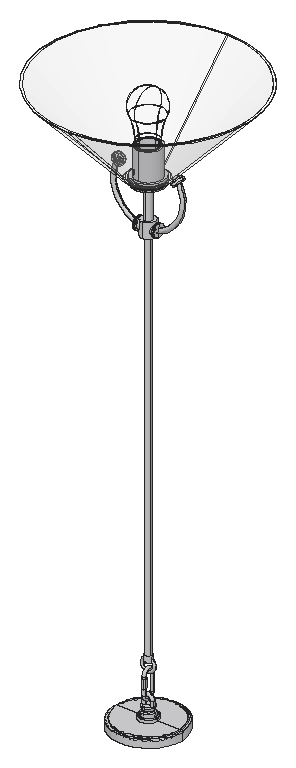
Revit family "Light_Fixture-Pendant-KOHLER-McGee-K-32260", category Lighting Fixtures, host Face, Revit 2021
Family settings
  Host = Face
  Round Connector Dimension = Use Diameter
  Part Type = Normal
  OmniClass Number = 23.35.47.11
  OmniClass Title = Lighting Fixtures
  Cut with Voids When Loaded = No
  Light Source = Yes
  Shared = No
  Room Calculation Point = No
Parameters (values of type "CPL-Polished Chrome")
  Width = 13 235/256"  # constant formula
  Wattage Comments = "100 W"  # constant formula
  Wattage = 100 W
  WaterSense Certified = 1 = 0  # no
  built-in parameter 1150110 = 1 (stored number, unit not read)
  Voltage = 120 V  # constant formula
  URL = "https://www.us.kohler.com/us/"
  Type = 1
  built-in parameter 1114217 = 1 (stored number, unit not read)
  built-in parameter 1150109 = 1 (stored number, unit not read)
  built-in parameter 1150134 = 1
  built-in parameter 1150113 = 1 (stored number, unit not read)
  Rod [instance] = Height - 9 105/256" - 4 1/2"  # 26 23/256"
  Product Page URL = "http://www.us.kohler.com/us/catalog/productDetails.jsp?productNumber=32260-PE01"
  Product Name = "McGee"  # constant formula
  Product Documentation Link = "https://www.us.kohler.com/webassets/kpna/catalog/pdf/en/K-32260-PE01_spec_US-CA_Kohler_en.pdf"
  Model = if(Type = 1, "K-32260-PE01-CPL", if(Type = 2, "K-32260-PE01-BNL", if(Type = 3, "K-32260-PE01-BLL", if(Type = 4, "K-32260-PE01-2GL", if(Type = 5, "K-32260-PE01-SNL", "NA")))))  # "K-32260-PE01-CPL"
  Material = "Premium Metal Construction"  # constant formula
  Master Format 2014 Name = "Interior Lighting Fixtures, Lamps, And Ballasts"  # constant formula
  Master Format 2014 = "26 51 13"  # constant formula
  Manufacturer Address = "444 Highland Dr, Kohler, WI 53044"  # constant formula
  Manufacturer = "Kohler Co."  # constant formula
  built-in parameter 1150105 = 159.15 (stored number, unit not read)
  Lumens = 2000 lm
  built-in parameter 1150115 = 1 (stored number, unit not read)
  Light Source Symbol Size = 3"  # constant formula
  built-in parameter 1150137 = (empty or 0)
  built-in parameter 1150139 = (empty or 0)
  Length = 13 235/256"  # constant formula
  built-in parameter 1150112 = 1 (stored number, unit not read)
  built-in parameter 1150114 = 1 (stored number, unit not read)
  Lamp = "1*E26 Type A 100W"  # constant formula
  built-in parameter 1150132 = (empty or 0)
  built-in parameter 1150102 = (empty or 0)
  built-in parameter 1150107 = 6500 (stored number, unit not read)
  built-in parameter 1150138 = (empty or 0)
  built-in parameter 1150106 = 1.5915 (stored number, unit not read)
  Height [instance] = 40"
  Hardware Included = 0 = 1  # no
  Finish = KOHLER-Metal-CPL-Polished_Chrome
  Environmental Product Declaration = ""
  Emit from Line Length = 3"  # constant formula
  Electrical Note = "One Dedicated Cicuit Required"  # constant formula
  Electrical Connector = 1 = 1  # yes
  built-in parameter 1150104 = 1.8581 (stored number, unit not read)
  Dimming Lamp Color Temperature Shift = Incandescent Lamp Curve
  Description = "Cone Pendant"  # constant formula
  Default Elevation = 0"
  Declare Label = ""
  Date Modified = "04/26/2023"  # constant formula
  Date Created = "04/26/2023"  # constant formula
  Copyright = "Copyright Kohler Co."  # constant formula
  Contact Us = "https://www.us.kohler.com/us/static/contact.jsp"
  Color Filter = 16777215
  built-in parameter 1114218 = 1 (stored number, unit not read)
  built-in parameter 1150133 = 10 (stored number, unit not read)
  Assembly Code = "D5040.50"
  Apparent Load = 100 VA  # constant formula
  ADA Compliant = 1 = 0  # no
Types (6): name | Type | Rod | Model | Height | Finish | Default Elevation
  (no name) | 1 | 26 23/256" | "K-32260-PE01-CPL" | 40" | KOHLER-Metal-CPL-Polished_Chrome | 0"
  CPL-Polished Chrome | 1 | 26 23/256" | "K-32260-PE01-CPL" | 40" | KOHLER-Metal-CPL-Polished_Chrome | 0"
  BNL-Brushed Nickel | 2 | 16 23/256" | "K-32260-PE01-BNL" | 30" | KOHLER-Metal-BNL-Brushed_Nickel | 60"
  BLL-Matte Black | 3 | 16 23/256" | "K-32260-PE01-BLL" | 30" | KOHLER-Metal-BLL-Matte_Black | 60"
  2GL-Brushed Modern Brass | 4 | 16 23/256" | "K-32260-PE01-2GL" | 30" | KOHLER-Metal-2GL-Brushed_Modern_Brass | 60"
  SNL-Polished Nickel | 5 | 16 23/256" | "K-32260-PE01-SNL" | 30" | KOHLER-Metal-SNL-Polished_Nickel | 60"
Reference planes (in)
  plane 1 "Center (Front/Back)": y = 0
  plane 2: z = 0
  plane 3 "Center (Left/Right)": x = 0
  plane 4: z = 4.50055
  plane 5: z = 30.59039
  plane 6: z = 40
  plane 7: y = 6.95866
  plane 8: y = -6.95931
  plane 9: x = -6.95866
  plane 10: y = 2.55512
  plane 11: y = -2.55512
  plane 12: x = 6.95931
  plane 13: x = -2.55512
  plane 14: x = 2.55512
  plane 15: z = 38.66357
  plane 16: z = 34.01481
  plane 17: z = 60.85367
  plane 18: y = 2.3622
  plane 19: y = -2.3622
  plane 20: z = 0.59055
Dimensions and locks (in)
  plane 4 to level = 4.50055"
  "Rod": plane 5 to plane 4
  "Height": plane 6 to level
  plane 6 to plane 5 = 9.40961"
  "Width": plane 9 to plane 12
  "Length": plane 7 to plane 8
  locked: plane 6 to plane 16 at 5.98519
  locked: plane 15 to plane 6 at 1.33643
  plane 6 to plane 17 = 20.85367"
  plane 20 to level = 0.59055"
  aligned and locked: plane 2 to host face
  aligned and locked: level to host face
  aligned and locked: level to nested 1
  aligned and locked: plane 4 to nested 1
  aligned and locked: plane 3 "Center (Left/Right)" to nested 2
  aligned and locked: nested 2 to plane 4
  aligned and locked: plane 5 to nested 2
  aligned and locked: plane 3 "Center (Left/Right)" to nested 3
  aligned and locked: plane 5 to nested 3
  aligned and locked: plane 1 "Center (Front/Back)" to nested 3
  aligned and locked: imposter light to nested 2  (x2)
  aligned and locked: imposter light to plane 15
Automatic sketch dimensions
  host sketch curve to host sketch curve = 96"  (x2)
Nested families (in)
  nested 1: "K-32260_Canopy" at (0, 0, 0) x (0, 1, 0) z (0, 0, 1), type "K-32260_Canopy"
  nested 2: "K-32260_Rod" at (0, 0, 4.50055), type "K-32260_Rod"
    with Distance 26 23/256"
  nested 3: "K-32260" at (0, 0, 32.99491) x (1, 0, 0) z (0, -1, 0), type "K-32260"
    with Default Elevation 0"
Connectors (in)
  electrical at (0, 0, 0), driven by "Voltage", driven by "Apparent Load", driven by "Electrical Connector", driven by "Electrical Note"
    settings: on nested 1, index 1, voltage 120 V, apparent load 100 VA, apparent load phase1 0 VA, apparent load phase2 0 VA, apparent load phase3 0 VA, power factor 1, load classification "Lighting", number of poles 1, system type 30, power factor state 1, is connector primary yes, connector utility yes, sub classification motor no, connector description "One Dedicated Cicuit Required"
Definition of nested family "K-32260_Canopy"
  Parameters (values of type "K-32260_Canopy")
    Material = none
    Default Elevation = 0"
  Reference planes (in)
    plane 1 "Center (Front/Back)": y = 0
    plane 2: z = 0
    plane 3 "Center (Left/Right)": x = 0
    plane 4: y = 2.3622
    plane 5: y = -2.3622
    plane 6: x = 2.3622
    plane 7: x = -2.3622
    plane 8: z = 0.59055
    plane 9: z = 2.97011
    plane 10: z = 3.40454
    plane 11: z = 3.5892
    plane 12: z = 0
    plane 13: z = 3.17362
    plane 14: z = 2.2794
    plane 15: z = 4.50055
  Forms (in)
    Revolve 1, solid, material <- "Material", detail levels medium+fine
      sketch origin (0, 0, 0) x (0, 1, 0) y (0, 0, 1)
        loop
          line (2.3622, 0) -> (2.3622, 0.49026)
          arc (2.3622, 0.49026) -> (2.35644, 0.50418) -> (2.34252, 0.50994) r 0.01969
          line (2.34252, 0.50994) -> (2.17979, 0.50994) -> (2.17979, 0.57087)
          arc (2.17979, 0.57087) -> (2.17403, 0.58479) -> (2.16011, 0.59055) r 0.01969
          line (2.16011, 0.59055) -> (0.63026, 0.59055) -> (0.63026, 0.74803) -> (0.55197, 0.74803) -> (0.55197, 0.78743) -> (0.43843, 0.78743) -> (0.43843, 0.9787)
          arc (0.43843, 0.9787) -> (0.39415, 1.03872) -> (0.35905, 1.10453) r 0.51317
          arc (0.35905, 1.10453) -> (0.35021, 1.14458) -> (0.35767, 1.18491) r 0.10316
          arc (0.35767, 1.18491) -> (0.38576, 1.27085) -> (0.40209, 1.35978) r 0.67349
          arc (0.40209, 1.35978) -> (0.3971, 1.37553) -> (0.38203, 1.38229) r 0.0202
          line (0.38203, 1.38229) -> (0, 1.38229) -> (0, 1.10848) -> (0, 0) -> (2.3622, 0)
        axis (0, 0) -> (0, 1.38229)
      angle from 0 to 360
    Sweep 2, solid, material <- "Material"
      path origin (0, 0, 0.35937) x (1, 0, 0) y (0, 0, 1)
        loop
          line (-0.36679, 2.95467) -> (-0.36679, 1.78086)
          arc (-0.36679, 1.78086) -> (-0.01845, 1.43253) -> (0.32988, 1.78086) r 0.34833
          line (0.32988, 1.78086) -> (0.32988, 2.95467)
          arc (0.32988, 2.95467) -> (-0.01845, 3.303) -> (-0.36679, 2.95467) r 0.34833
      profile origin (-0.01845, 0, 3.66238) x (0, 0, -1) y (0, -1, 0)
        loop
          circle (0, 0) r 0.09608
    Sweep 3, solid, material <- "Material"
      path origin (0, 0, 0) x (0, 1, 0) y (0, 0, 1)
        loop
          line (0.18209, 1.37026) -> (0.18209, 1.76948)
          arc (0.18209, 1.76948) -> (-0.00023, 1.95181) -> (-0.18256, 1.76948) r 0.18233
          line (-0.18256, 1.76948) -> (-0.18256, 1.37026)
      profile origin (0, -0.18256, 1.56987) x (1, 0, 0) y (0, 1, 0)
        loop
          circle (0, -0.10554) r 0.10554
    Extrusion 4, solid, material <- "Material"
      sketch origin (-0.06152, 0, 0) x (-1, 0, 0) y (0, -1, 0)
        loop
          line (0.30512, -0.14775) -> (0.43307, -0.07387) -> (0.43307, 0.07387) -> (0.30512, 0.14775) -> (0.17717, 0.07387) -> (0.17717, -0.07387) -> (0.30512, -0.14775)
      from 2.56354 to 3.17362
    Revolve 5, solid, material <- "Material"
      sketch origin (0, 0, 0) x (0, 1, 0) y (0, 0, 1)
        loop
          line (0.00011, 4.50055) -> (-0.24565, 4.50055) -> (-0.24565, 4.10819)
          arc (-0.24565, 4.10819) -> (-0.23947, 4.09327) -> (-0.22456, 4.08709) r 0.0211
          line (-0.22456, 4.08709) -> (0.00011, 4.08709) -> (0.00011, 4.50055)
        axis (0.00011, 4.08709) -> (0.00011, 4.50055)
      angle from 0 to 360
    Sweep 6, solid, material <- "Material"
      path origin (0, 0, 0) x (0, 1, 0) y (0, 0, 1)
        loop
          arc (-0.22894, 4.34786) -> (0.0065, 3.37885) -> (0.21881, 4.35319) r 0.51166
      profile origin (0, 0.0065, 3.37885) x (0, -0.011898, 0.999929) y (1, 0, 0)
        loop
          circle (0.0719, 0) r 0.07203
    Revolve 7, solid, material <- "Material", detail levels coarse
      sketch origin (0, 0, 0) x (0, 1, 0) y (0, 0, 1)
        loop
          line (0, 0) -> (2.3622, 0) -> (2.3622, 0.59055) -> (0.63026, 0.59055) -> (0.63026, 1.38229) -> (0, 1.38229) -> (0, 0)
        axis (0, 1.38229) -> (0, 0)
      angle from 0 to 360
  Cuts and joins
    joined: Sweep 2, Sweep 3, Extrusion 4, Revolve 5, Sweep 6
  Lines and regions (in)
    Masking region 1
      outline origin (0, 0, 0) x (0, 1, 0) y (0, 0, 1)
        loop
          line (2.3622, 0) -> (2.3622, 0.49026)
          arc (2.3622, 0.49026) -> (2.35644, 0.50418) -> (2.34252, 0.50994) r 0.01969
          line (2.34252, 0.50994) -> (2.17979, 0.50994) -> (2.17979, 0.57087)
          arc (2.17979, 0.57087) -> (2.17403, 0.58479) -> (2.16011, 0.59055) r 0.01969
          line (2.16011, 0.59055) -> (0.63046, 0.59055) -> (0.63046, 0.74803) -> (0.55197, 0.74803) -> (0.55197, 0.78743) -> (0.43843, 0.78743) -> (0.43843, 0.98428)
          arc (0.43843, 0.98428) -> (0.3678, 1.08664) -> (0.3666, 1.211) r 0.21238
          arc (0.3666, 1.211) -> (0.38075, 1.26115) -> (0.39364, 1.31163) r 2.08924
          line (0.39364, 1.31163) -> (0.39364, 1.7674)
          arc (0.39364, 1.7674) -> (0.30263, 2.0219) -> (0.07087, 2.16096) r 0.40133
          line (0.07087, 2.16096) -> (0.07087, 2.56354) -> (0.14775, 2.56354) -> (0.14775, 3.17362) -> (0.09455, 3.17362) -> (0.09455, 3.3879)
          arc (0.09455, 3.3879) -> (0.50584, 3.80982) -> (0.24588, 4.33859) r 0.51078
          line (0.24588, 4.33859) -> (0.24588, 4.50055) -> (0.00011, 4.50055) -> (-0.24588, 4.50055) -> (-0.24588, 4.33859)
          arc (-0.24588, 4.33859) -> (-0.50597, 3.81064) -> (-0.09619, 3.3882) r 0.51078
          line (-0.09619, 3.3882) -> (-0.09619, 3.17362) -> (-0.14775, 3.17362) -> (-0.14775, 2.56354) -> (-0.07087, 2.56354) -> (-0.07087, 2.16331)
          arc (-0.07087, 2.16331) -> (-0.10979, 2.15527) -> (-0.14775, 2.14349) r 0.40852
          arc (-0.14775, 2.14349) -> (-0.32671, 1.99207) -> (-0.39364, 1.7674) r 0.41057
          line (-0.39364, 1.7674) -> (-0.39364, 1.31163)
          arc (-0.39364, 1.31163) -> (-0.38075, 1.26115) -> (-0.3666, 1.211) r 2.08924
          arc (-0.3666, 1.211) -> (-0.3678, 1.08664) -> (-0.43843, 0.98428) r 0.21238
          line (-0.43843, 0.98428) -> (-0.43843, 0.78743) -> (-0.55197, 0.78743) -> (-0.55197, 0.74803) -> (-0.63046, 0.74803) -> (-0.63046, 0.59055) -> (-2.16011, 0.59055)
          arc (-2.16011, 0.59055) -> (-2.17403, 0.58479) -> (-2.17979, 0.57087) r 0.01969
          line (-2.17979, 0.57087) -> (-2.17979, 0.50994) -> (-2.34252, 0.50994)
          arc (-2.34252, 0.50994) -> (-2.35644, 0.50418) -> (-2.3622, 0.49026) r 0.01969
          line (-2.3622, 0.49026) -> (-2.3622, 0) -> (2.3622, 0)
        loop
          line (0.18305, 1.38229) -> (0.18305, 1.7692)
          arc (0.18305, 1.7692) -> (0.15244, 1.87033) -> (0.07087, 1.93749) r 0.18232
          line (0.07087, 1.93749) -> (0.07087, 1.83374)
          arc (0.07087, 1.83374) -> (0, 1.76288) -> (-0.07087, 1.83374) r 0.07087
          line (-0.07087, 1.83374) -> (-0.07087, 1.93687)
          arc (-0.07087, 1.93687) -> (-0.15141, 1.86967) -> (-0.18158, 1.7692) r 0.18232
          line (-0.18158, 1.7692) -> (-0.18158, 1.38229) -> (0.18305, 1.38229)
        loop
          line (0.09455, 3.66013) -> (0.09455, 3.5348)
          arc (0.09455, 3.5348) -> (0.35752, 3.80412) -> (0.24562, 4.16351) r 0.3675
          line (0.24562, 4.16351) -> (0.24562, 4.10784)
          arc (0.24562, 4.10784) -> (0.23963, 4.0934) -> (0.22519, 4.08741) r 0.02042
          line (0.22519, 4.08741) -> (0, 4.08741) -> (-0.22519, 4.08741)
          arc (-0.22519, 4.08741) -> (-0.23963, 4.0934) -> (-0.24562, 4.10784) r 0.02042
          line (-0.24562, 4.10784) -> (-0.24562, 4.16351)
          arc (-0.24562, 4.16351) -> (-0.35772, 3.80494) -> (-0.09619, 3.53523) r 0.3675
          line (-0.09619, 3.53523) -> (-0.09619, 3.66013)
          arc (-0.09619, 3.66013) -> (-0.00082, 3.7555) -> (0.09455, 3.66013) r 0.09537
    Masking region 2
      outline origin (0, 0, 0) x (1, 0, 0) y (0, 0, 1)
        loop
          line (-2.3622, 0) -> (2.3622, 0) -> (2.3622, 0.49026)
          arc (2.3622, 0.49026) -> (2.35644, 0.50418) -> (2.34252, 0.50994) r 0.01969
          line (2.34252, 0.50994) -> (2.17979, 0.50994) -> (2.17979, 0.57087)
          arc (2.17979, 0.57087) -> (2.17403, 0.58479) -> (2.16011, 0.59055) r 0.01969
          line (2.16011, 0.59055) -> (0.62903, 0.59055) -> (0.62903, 0.74803) -> (0.55197, 0.74803) -> (0.55197, 0.78743) -> (0.43843, 0.78743) -> (0.43843, 0.9787)
          arc (0.43843, 0.9787) -> (0.4002, 1.02735) -> (0.36637, 1.07915) r 0.70775
          arc (0.36637, 1.07915) -> (0.34943, 1.13332) -> (0.35851, 1.18934) r 0.1235
          arc (0.35851, 1.18934) -> (0.38558, 1.26882) -> (0.40223, 1.35112) r 0.65377
          arc (0.40223, 1.35112) -> (0.39571, 1.37288) -> (0.37502, 1.38229) r 0.02746
          line (0.37502, 1.38229) -> (0.12795, 1.38229) -> (0.12795, 1.71994)
          arc (0.12795, 1.71994) -> (0.34368, 1.88697) -> (0.42535, 2.14729) r 0.45574
          line (0.42535, 2.14729) -> (0.42535, 3.32819)
          arc (0.42535, 3.32819) -> (0.3258, 3.60819) -> (0.07183, 3.76248) r 0.44352
          line (0.07183, 3.76248) -> (0.07183, 4.08691) -> (0.22455, 4.08691)
          arc (0.22455, 4.08691) -> (0.23955, 4.09312) -> (0.24576, 4.10812) r 0.02121
          line (0.24576, 4.10812) -> (0.24576, 4.50055) -> (0, 4.50055) -> (-0.24576, 4.50055) -> (-0.24576, 4.10812)
          arc (-0.24576, 4.10812) -> (-0.23955, 4.09312) -> (-0.22455, 4.08691) r 0.02121
          line (-0.22455, 4.08691) -> (-0.07183, 4.08691) -> (-0.07183, 3.76845)
          arc (-0.07183, 3.76845) -> (-0.35021, 3.62222) -> (-0.46168, 3.32819) r 0.44352
          line (-0.46168, 3.32819) -> (-0.46168, 3.17362) -> (-0.49459, 3.17362) -> (-0.49459, 2.56354) -> (-0.46346, 2.56354) -> (-0.46346, 2.19229)
          arc (-0.46346, 2.19229) -> (-0.37149, 1.8962) -> (-0.12795, 1.70433) r 0.52259
          line (-0.12795, 1.70433) -> (-0.12795, 1.38229) -> (-0.37502, 1.38229)
          arc (-0.37502, 1.38229) -> (-0.39571, 1.37288) -> (-0.40223, 1.35112) r 0.02746
          arc (-0.40223, 1.35112) -> (-0.38558, 1.26882) -> (-0.35851, 1.18934) r 0.65377
          arc (-0.35851, 1.18934) -> (-0.34943, 1.13332) -> (-0.36637, 1.07915) r 0.1235
          arc (-0.36637, 1.07915) -> (-0.4002, 1.02735) -> (-0.43843, 0.9787) r 0.70775
          line (-0.43843, 0.9787) -> (-0.43843, 0.78743) -> (-0.55197, 0.78743) -> (-0.55197, 0.74803) -> (-0.63009, 0.74803) -> (-0.63009, 0.59055) -> (-2.16011, 0.59055)
          arc (-2.16011, 0.59055) -> (-2.17403, 0.58479) -> (-2.17979, 0.57087) r 0.01969
          line (-2.17979, 0.57087) -> (-2.17979, 0.50994) -> (-2.34252, 0.50994)
          arc (-2.34252, 0.50994) -> (-2.35644, 0.50418) -> (-2.3622, 0.49026) r 0.01969
          line (-2.3622, 0.49026) -> (-2.3622, 0)
        loop
          line (-0.27175, 3.31592) -> (-0.27175, 3.17362) -> (-0.22638, 3.17362) -> (-0.22638, 2.56354) -> (-0.27061, 2.56354) -> (-0.27061, 2.15044)
          arc (-0.27061, 2.15044) -> (-0.23218, 2.01249) -> (-0.12795, 1.91429) r 0.26679
          line (-0.12795, 1.91429) -> (-0.12795, 2.06366)
          arc (-0.12795, 2.06366) -> (0, 2.19161) -> (0.12795, 2.06366) r 0.12795
          line (0.12795, 2.06366) -> (0.12795, 1.93309)
          arc (0.12795, 1.93309) -> (0.20636, 2.02946) -> (0.2344, 2.15049) r 0.27522
          line (0.2344, 2.15049) -> (0.2344, 3.31592)
          arc (0.2344, 3.31592) -> (0.18984, 3.45935) -> (0.07183, 3.55226) r 0.25308
          line (0.07183, 3.55226) -> (0.07183, 3.4507)
          arc (0.07183, 3.4507) -> (0, 3.37887) -> (-0.07183, 3.4507) r 0.07183
          line (-0.07183, 3.4507) -> (-0.07183, 3.56335)
          arc (-0.07183, 3.56335) -> (-0.21552, 3.47497) -> (-0.27175, 3.31592) r 0.25308
    Masking region 3
      outline origin (0, 0, 0) x (1, 0, 0) y (0, 1, 0)
        loop
          circle (0, 0) r 2.3622
    symbolic lines, detail levels medium+fine
      curve 1: line (0, 0.63046, 0.59055) -> (0, -0.63026, 0.59055)
      curve 2: line (0, 0.55197, 0.74803) -> (0, -0.55197, 0.74803)
      curve 3: line (0, -0.18158, 1.38229) -> (0, -0.39364, 1.38229)
      curve 4: line (0, 0.18405, 1.38229) -> (0, 0.39364, 1.38229)
      curve 5: line (0, 0.07087, 1.93749) -> (0, 0.07087, 2.16054)
      curve 6: line (0, -0.07087, 1.93687) -> (0, -0.07087, 2.16331)
      curve 7: line (-0.63009, 0, 0.59055) -> (0.63026, 0, 0.59055)
      curve 8: line (-0.43843, 0, 0.78743) -> (0.43843, 0, 0.78743)
      curve 9: line (-0.43343, 0, 0.9787) -> (0.43618, 0, 0.9787)
      curve 10: line (-0.12795, 0, 1.38229) -> (0.12795, 0, 1.38229)
      curve 11: line (-0.12795, 0, 1.70433) -> (-0.12795, 0, 2.03104)
      curve 12: line (0.12795, 0, 1.71994) -> (0.12795, 0, 2.03104)
      curve 13: line (-0.46346, 0, 2.56354) -> (-0.23503, 0, 2.56354)
      curve 14: line (-0.46168, 0, 3.17362) -> (-0.2344, 0, 3.17362)
      curve 15: line (-0.36663, 0, 2.56354) -> (-0.36663, 0, 3.17362)
      curve 16: line (0, 0.07387, 2.56354) -> (0, -0.07387, 2.56354)
      curve 17: line (0, -0.09619, 3.17362) -> (0, 0.09455, 3.17362)
      curve 18: line (0, 0.07387, 3.17362) -> (0, 0.07387, 2.56354)
      curve 19: line (0, -0.07387, 3.17362) -> (0, -0.07387, 2.56354)
      curve 20: line (0, 2.17979, 0.50994) -> (0, -2.17979, 0.50994)
      curve 21: line (2.17979, 0, 0.50994) -> (-2.17979, 0, 0.50994)
      curve 22: line (0, 0.09455, 3.5348) -> (0, 0.09455, 3.3879)
      curve 23: line (0, -0.09619, 3.3882) -> (0, -0.09619, 3.53523)
      curve 24: arc (0, 0.24588, 4.33859) -> (0, 0.22768, 4.25108) -> (0, 0.24562, 4.16351) r 0.22116
      curve 25: arc (0, -0.24588, 4.33859) -> (0, -0.22699, 4.25108) -> (0, -0.24562, 4.16351) r 0.21372
      curve 26: line (-0.07183, 0, 3.56335) -> (-0.07183, 0, 3.76845)
      curve 27: line (0.07183, 0, 3.76248) -> (0.07183, 0, 3.55226)
      curve 28: line (0.07183, 0, 4.08691) -> (0.07183, 0, 4.27684)
      curve 29: line (-0.07183, 0, 4.08691) -> (-0.07183, 0, 4.27684)
      curve 30: arc (-0.07183, 0, 4.27684) -> (0, 0, 4.34867) -> (0.07183, 0, 4.27684) r 0.07183
      curve 31: line (0, 0.43843, 0.98428) -> (0, -0.43843, 0.98428)
      curve 32: line (0, 0.43843, 0.78743) -> (0, -0.43843, 0.78743)
      curve 33: line (-0.55197, 0, 0.74803) -> (0.55197, 0, 0.74803)
  Dimensions and locks (in)
    plane 7 to plane 6 = 4.72441"
    plane 8 to level = 0.59055"
    plane 10 to level = 3.40454"
    aligned and locked: plane 2 to level
Definition of nested family "K-32260_Rod"
  Parameters (values of type "K-32260_Rod")
    Material = none
    Distance = 16.53543"
    Default Elevation = 0"
  Reference planes (in)
    plane 1 "Light Source Axis (F/B)": y = 0
    plane 2: z = 0
    plane 3 "Light Source Axis (L/R)": x = 0
    plane 4 "Light Source Elevation": z = 54
    plane 5: z = 16.53543
    plane 6: z = 0
  Forms (in)
    Extrusion 1, solid, material <- "Material"
      sketch origin (0, 0, 0) x (1, 0, 0) y (0, 1, 0)
        loop
          circle (0, 0) r 0.17717
      from 0 to 16.53543
  Lines and regions (in)
    Masking region 1, detail levels medium+fine
      outline origin (0, 0, 0) x (1, 0, 0) y (0, 1, 0)
        loop
          circle (0, 0) r 0.17717
    Masking region 2
      outline origin (0, 0, 0) x (1, 0, 0) y (0, 0, 1)
        loop
          line (-0.17717, 0) -> (0.17717, 0) -> (0.17717, 16.53543) -> (-0.17717, 16.53543) -> (-0.17717, 0)
    Masking region 3
      outline origin (0, 0, 0) x (0, 1, 0) y (0, 0, 1)
        loop
          line (0.17717, 16.53543) -> (-0.17717, 16.53543) -> (-0.17717, 0) -> (0.17717, 0) -> (0.17717, 16.53543)
  Dimensions and locks (in)
    "Distance": plane 5 to level
    aligned and locked: level to plane 2
    aligned and locked: Extrusion 1 to level
    aligned and locked: plane 5 to Extrusion 1
    aligned and locked: plane 5 to Masking region 2 sketch curve
    aligned and locked: Masking region 2 sketch curve to level
    aligned and locked: level to Masking region 3 sketch curve
    aligned and locked: Masking region 3 sketch curve to plane 5
  Automatic sketch dimensions
    plane 1 "Light Source Axis (F/B)" to Extrusion 1 sketch curve = 0"
    Extrusion 1 sketch curve to plane 3 "Light Source Axis (L/R)" = 0"
    plane 1 "Light Source Axis (F/B)" to Masking region 1 sketch curve = 0"
    Masking region 1 sketch curve to plane 3 "Light Source Axis (L/R)" = 0"
    Masking region 2 sketch curve to plane 3 "Light Source Axis (L/R)" = 0.17717"
    plane 3 "Light Source Axis (L/R)" to Masking region 2 sketch curve = 0.17717"
    plane 1 "Light Source Axis (F/B)" to Masking region 3 sketch curve = 0.17717"
    Masking region 3 sketch curve to plane 1 "Light Source Axis (F/B)" = 0.17717"
    radius of Extrusion 1 sketch curve = 0.17717"
    radius of Masking region 1 sketch curve = 0.17717"
Definition of nested family "K-32260"
  Parameters
    Material = none
    Default Elevation = 48"
  Reference planes (in)
    plane 1 "Center (Front/Back)": y = 0
    plane 2: z = 0
    plane 3 "Center (Left/Right)": x = 0
    plane 4: x = -2.55512
    plane 5: y = 7.00415
    plane 6: x = 2.55512
    plane 7: y = 0.82305
    plane 8: z = 2.55512
    plane 9: z = -2.55512
    plane 10: z = 0
    plane 11: y = 0
    plane 12: y = 5.16866
    plane 13: y = -2.40452
    plane 14: x = -6.95866
    plane 15: x = 6.95866
    plane 16: z = 6.95866
    plane 17: z = -6.95866
  Forms (in)
    Revolve 1, solid, material <- "Material", detail levels medium+fine
      sketch origin (0, 0, 0) x (0, 1, 0) y (0, 0, 1)
        loop
          line (1.31517, 0) -> (1.31517, 0.7874) -> (2.39785, 0.7874) -> (2.39785, 0.70866) -> (2.79155, 0.70866) -> (2.79155, 0.7874) -> (3.18525, 0.7874) -> (3.18525, 0.86614) -> (1.31517, 0.86614) -> (1.31517, 1.08268) -> (1.21675, 1.08268) -> (1.21675, 0.7874) -> (0.94481, 0.7874) -> (0.94481, 0) -> (1.31517, 0)
        axis (3.18525, 0) -> (0.94481, 0)
      angle from 0 to 360
    Revolve 2, solid
      sketch origin (0, 0, 0) x (0, 1, 0) y (0, 0, 1)
        loop
          line (6.96478, 6.95866) -> (1.10747, 1.34317)
          arc (1.10747, 1.34317) -> (1.0427, 1.24949) -> (1.0199, 1.1379) r 0.28437
          line (1.0199, 1.1379) -> (1.0199, 1.02736)
          arc (1.0199, 1.02736) -> (0.99575, 0.96907) -> (0.93746, 0.94492) r 0.08244
          line (0.93746, 0.94492) -> (0.90179, 0.94492) -> (0.90179, 0.82681) -> (0.98208, 0.82681)
          arc (0.98208, 0.82681) -> (1.10625, 0.87825) -> (1.15769, 1.00242) r 0.17561
          line (1.15769, 1.00242) -> (1.15769, 1.13614)
          arc (1.15769, 1.13614) -> (1.16978, 1.19527) -> (1.2041, 1.24492) r 0.1507
          line (1.2041, 1.24492) -> (7.00415, 6.80551) -> (7.00415, 6.95866) -> (6.96478, 6.95866)
        axis (7.00415, 0) -> (0.90179, 0)
      angle from 0 to 360
    Revolve 3, solid
      sketch origin (0, 0.7997, 0) x (0, 1, 0) y (0, 0, 1)
        loop
          line (1.59814, 0.67151) -> (1.59814, 0) -> (1.62964, 0) -> (1.62964, 0.64001) -> (2.40566, 0.64001) -> (2.40566, 0.71138) -> (2.6822, 0.71138)
          arc (2.6822, 0.71138) -> (3.49571, 0.79841) -> (4.2724, 1.05555) r 3.84577
          arc (4.2724, 1.05555) -> (5.374, 0.97288) -> (5.89732, 0) r 1.14961
          line (5.89732, 0) -> (5.92882, 0)
          arc (5.92882, 0) -> (5.39105, 0.99936) -> (4.25937, 1.08422) r 1.1811
          arc (4.25937, 1.08422) -> (3.48904, 0.82919) -> (2.6822, 0.74287) r 3.81427
          line (2.6822, 0.74287) -> (2.40566, 0.74287)
          arc (2.40566, 0.74287) -> (2.39144, 0.73698) -> (2.38555, 0.72276) r 0.02011
          line (2.38555, 0.72276) -> (2.38555, 0.67151) -> (1.59814, 0.67151)
        axis (5.92882, 0) -> (1.59814, 0)
      angle from 0 to 360
    Revolve 4, solid, material <- "Material", detail levels medium+fine
      sketch origin (0, 0, 0) x (0, 1, 0) y (0, 0, 1)
        loop
          line (-1.42027, 0.24622) -> (-1.42027, 0.49213) -> (-2.40452, 0.49213) -> (-2.40452, 0) -> (1.0199, 0) -> (1.0199, 1.04331) -> (0.86212, 1.04331)
          arc (0.86212, 1.04331) -> (0.83451, 1.03187) -> (0.82307, 1.00426) r 0.03905
          line (0.82307, 1.00426) -> (0.82307, 0.24622) -> (-1.42027, 0.24622)
        axis (1.0199, 0) -> (-2.40452, 0)
      angle from 0 to 360
    Revolve 5, solid, material <- "Material", detail levels medium+fine
      sketch origin (0, 0, 0) x (1, 0, 0) y (0, 1, 0)
        loop
          line (-0.75042, -1.9124) -> (0.74565, -1.9124) -> (0.74565, -1.49901) -> (0.56848, -1.49901) -> (0.56848, -1.56791) -> (-0.57325, -1.56791) -> (-0.57325, -1.49895) -> (-0.75042, -1.49895) -> (-0.75042, -1.9124)
        axis (-0.75042, -1.9124) -> (0.74565, -1.9124)
      angle from 0 to 360
    Sweep 6, solid, material <- "Material"
      path origin (0, 0, 0) x (1, 0, 0) y (0, 1, 0)
        loop
          arc (-1.96786, 1.52366) -> (-0.00238, -1.89177) -> (1.9631, 1.52366) r 2.27325
      profile origin (-0.00238, -1.89177, 0) x (0, 1, 0) y (0, 0, 1)
        loop
          circle (-0.13433, 0.00037) r 0.13533
    Revolve 7, solid, material <- "Material"
      sketch origin (0, 0, 0) x (1, 0, 0) y (0, 1, 0)
        loop
          line (-2.13718, 1.53335) -> (-1.83797, 1.8202) -> (-1.95523, 1.94251) -> (-2.04745, 1.85712) -> (-2.12807, 1.9442) -> (-2.15068, 1.92327) -> (-2.1841, 1.95937) -> (-2.24202, 1.90575) -> (-2.26777, 1.93355)
          arc (-2.26777, 1.93355) -> (-2.28271, 1.94043) -> (-2.29813, 1.93472) r 0.02149
          line (-2.29813, 1.93472) -> (-2.39534, 1.84473)
          arc (-2.39534, 1.84473) -> (-2.40241, 1.82936) -> (-2.39654, 1.81349) r 0.02211
          line (-2.39654, 1.81349) -> (-2.13718, 1.53335)
        axis (-2.13718, 1.53335) -> (-1.83797, 1.8202)
      angle from 0 to 360
    Revolve 8, solid, material <- "Material"
      sketch origin (0, 0, 0) x (-1, 0, 0) y (0, -1, 0)
        loop
          line (-2.13718, -1.53335) -> (-2.39654, -1.81349)
          arc (-2.39654, -1.81349) -> (-2.40241, -1.82936) -> (-2.39534, -1.84473) r 0.02211
          line (-2.39534, -1.84473) -> (-2.29813, -1.93472)
          arc (-2.29813, -1.93472) -> (-2.28271, -1.94043) -> (-2.26777, -1.93355) r 0.02149
          line (-2.26777, -1.93355) -> (-2.24202, -1.90575) -> (-2.1841, -1.95937) -> (-2.15068, -1.92327) -> (-2.12807, -1.9442) -> (-2.04745, -1.85712) -> (-1.95523, -1.94251) -> (-1.83797, -1.8202) -> (-2.13718, -1.53335)
        axis (-2.13718, -1.53335) -> (-1.83797, -1.8202)
      angle from 0 to 360
    Extrusion 9, void
      sketch origin (0, 0, 0) x (0, 1, 0) y (0, 0, 1)
        loop
          line (-1.9124, 0.38119) -> (-1.89434, 0.4486)
          arc (-1.89434, 0.4486) -> (-1.9124, 0.44896) -> (-1.93046, 0.4486) r 0.44896
          line (-1.93046, 0.4486) -> (-1.9124, 0.38119)
        loop
          line (-2.29359, 0) -> (-2.361, 0.01806)
          arc (-2.361, 0.01806) -> (-2.36136, 0) -> (-2.361, -0.01806) r 0.44896
          line (-2.361, -0.01806) -> (-2.29359, 0)
        loop
          line (-1.9124, -0.38119) -> (-1.93046, -0.4486)
          arc (-1.93046, -0.4486) -> (-1.9124, -0.44896) -> (-1.89434, -0.4486) r 0.44896
          line (-1.89434, -0.4486) -> (-1.9124, -0.38119)
        loop
          line (-1.5312, 0) -> (-1.4638, -0.01806)
          arc (-1.4638, -0.01806) -> (-1.46343, 0) -> (-1.4638, 0.01806) r 0.44896
          line (-1.4638, 0.01806) -> (-1.5312, 0)
        loop
          line (-2.18194, 0.26955) -> (-2.21683, 0.32998)
          arc (-2.21683, 0.32998) -> (-2.22986, 0.31746) -> (-2.24238, 0.30444) r 0.44896
          line (-2.24238, 0.30444) -> (-2.18194, 0.26955)
        loop
          line (-2.18194, -0.26955) -> (-2.24238, -0.30444)
          arc (-2.24238, -0.30444) -> (-2.22986, -0.31746) -> (-2.21683, -0.32998) r 0.44896
          line (-2.21683, -0.32998) -> (-2.18194, -0.26955)
        loop
          line (-1.64285, -0.26955) -> (-1.60796, -0.32998)
          arc (-1.60796, -0.32998) -> (-1.59493, -0.31746) -> (-1.58242, -0.30444) r 0.44896
          line (-1.58242, -0.30444) -> (-1.64285, -0.26955)
        loop
          line (-1.64285, 0.26955) -> (-1.58242, 0.30444)
          arc (-1.58242, 0.30444) -> (-1.59493, 0.31746) -> (-1.60796, 0.32998) r 0.44896
          line (-1.60796, 0.32998) -> (-1.64285, 0.26955)
        loop
          line (-2.06134, 0.35089) -> (-2.07105, 0.41999)
          arc (-2.07105, 0.41999) -> (-2.08782, 0.41327) -> (-2.1043, 0.40588) r 0.44896
          line (-2.1043, 0.40588) -> (-2.06134, 0.35089)
        loop
          line (-2.26329, -0.14894) -> (-2.33239, -0.15866)
          arc (-2.33239, -0.15866) -> (-2.32567, -0.17542) -> (-2.31828, -0.19191) r 0.44896
          line (-2.31828, -0.19191) -> (-2.26329, -0.14894)
        loop
          line (-1.76345, -0.35089) -> (-1.75374, -0.41999)
          arc (-1.75374, -0.41999) -> (-1.73697, -0.41327) -> (-1.72049, -0.40588) r 0.44896
          line (-1.72049, -0.40588) -> (-1.76345, -0.35089)
        loop
          line (-1.56151, 0.14894) -> (-1.4924, 0.15866)
          arc (-1.4924, 0.15866) -> (-1.49913, 0.17542) -> (-1.50652, 0.19191) r 0.44896
          line (-1.50652, 0.19191) -> (-1.56151, 0.14894)
        loop
          line (-2.26583, 0.1428) -> (-2.32157, 0.18479)
          arc (-2.32157, 0.18479) -> (-2.32867, 0.16818) -> (-2.3351, 0.1513) r 0.44896
          line (-2.3351, 0.1513) -> (-2.26583, 0.1428)
        loop
          line (-2.0552, -0.35344) -> (-2.09719, -0.40917)
          arc (-2.09719, -0.40917) -> (-2.08058, -0.41627) -> (-2.0637, -0.4227) r 0.44896
          line (-2.0637, -0.4227) -> (-2.0552, -0.35344)
        loop
          line (-1.55896, -0.1428) -> (-1.50323, -0.18479)
          arc (-1.50323, -0.18479) -> (-1.49613, -0.16818) -> (-1.4897, -0.1513) r 0.44896
          line (-1.4897, -0.1513) -> (-1.55896, -0.1428)
        loop
          line (-1.7696, 0.35344) -> (-1.7276, 0.40917)
          arc (-1.7276, 0.40917) -> (-1.74421, 0.41627) -> (-1.76109, 0.4227) r 0.44896
          line (-1.76109, 0.4227) -> (-1.7696, 0.35344)
        loop
          line (-1.99165, 0.37286) -> (-1.988, 0.44255)
          arc (-1.988, 0.44255) -> (-2.00574, 0.43915) -> (-2.02333, 0.43504) r 0.44896
          line (-2.02333, 0.43504) -> (-1.99165, 0.37286)
        loop
          line (-2.28526, -0.07925) -> (-2.35495, -0.0756)
          arc (-2.35495, -0.0756) -> (-2.35155, -0.09334) -> (-2.34744, -0.11094) r 0.44896
          line (-2.34744, -0.11094) -> (-2.28526, -0.07925)
        loop
          line (-1.83314, -0.37286) -> (-1.83679, -0.44255)
          arc (-1.83679, -0.44255) -> (-1.81905, -0.43915) -> (-1.80146, -0.43504) r 0.44896
          line (-1.80146, -0.43504) -> (-1.83314, -0.37286)
        loop
          line (-1.53953, 0.07925) -> (-1.46985, 0.0756)
          arc (-1.46985, 0.0756) -> (-1.47325, 0.09334) -> (-1.47736, 0.11094) r 0.44896
          line (-1.47736, 0.11094) -> (-1.53953, 0.07925)
        loop
          line (-2.23209, 0.20761) -> (-2.27879, 0.25947)
          arc (-2.27879, 0.25947) -> (-2.28893, 0.24452) -> (-2.29846, 0.22918) r 0.44896
          line (-2.29846, 0.22918) -> (-2.23209, 0.20761)
        loop
          line (-2.12001, -0.3197) -> (-2.17187, -0.36639)
          arc (-2.17187, -0.36639) -> (-2.15692, -0.37653) -> (-2.14157, -0.38606) r 0.44896
          line (-2.14157, -0.38606) -> (-2.12001, -0.3197)
        loop
          line (-1.5927, -0.20761) -> (-1.54601, -0.25947)
          arc (-1.54601, -0.25947) -> (-1.53587, -0.24452) -> (-1.52633, -0.22918) r 0.44896
          line (-1.52633, -0.22918) -> (-1.5927, -0.20761)
        loop
          line (-1.70478, 0.3197) -> (-1.65293, 0.36639)
          arc (-1.65293, 0.36639) -> (-1.66787, 0.37653) -> (-1.68322, 0.38606) r 0.44896
          line (-1.68322, 0.38606) -> (-1.70478, 0.3197)
        loop
          line (-2.13104, 0.31226) -> (-2.15491, 0.37783)
          arc (-2.15491, 0.37783) -> (-2.16991, 0.36777) -> (-2.1845, 0.35711) r 0.44896
          line (-2.1845, 0.35711) -> (-2.13104, 0.31226)
        loop
          line (-2.22465, -0.21864) -> (-2.29023, -0.24251)
          arc (-2.29023, -0.24251) -> (-2.28017, -0.25751) -> (-2.26951, -0.2721) r 0.44896
          line (-2.26951, -0.2721) -> (-2.22465, -0.21864)
        loop
          line (-1.69375, -0.31226) -> (-1.66989, -0.37783)
          arc (-1.66989, -0.37783) -> (-1.65488, -0.36777) -> (-1.6403, -0.35711) r 0.44896
          line (-1.6403, -0.35711) -> (-1.69375, -0.31226)
        loop
          line (-1.60014, 0.21864) -> (-1.53457, 0.24251)
          arc (-1.53457, 0.24251) -> (-1.54463, 0.25751) -> (-1.55529, 0.2721) r 0.44896
          line (-1.55529, 0.2721) -> (-1.60014, 0.21864)
        loop
          line (-2.2878, 0.06619) -> (-2.35104, 0.09568)
          arc (-2.35104, 0.09568) -> (-2.35454, 0.07796) -> (-2.35732, 0.06011) r 0.44896
          line (-2.35732, 0.06011) -> (-2.2878, 0.06619)
        loop
          line (-1.97859, -0.3754) -> (-2.00808, -0.43865)
          arc (-2.00808, -0.43865) -> (-1.99036, -0.44214) -> (-1.97251, -0.44492) r 0.44896
          line (-1.97251, -0.44492) -> (-1.97859, -0.3754)
        loop
          line (-1.53699, -0.06619) -> (-1.47375, -0.09568)
          arc (-1.47375, -0.09568) -> (-1.47026, -0.07796) -> (-1.46748, -0.06011) r 0.44896
          line (-1.46748, -0.06011) -> (-1.53699, -0.06619)
        loop
          line (-1.8462, 0.3754) -> (-1.81671, 0.43865)
          arc (-1.81671, 0.43865) -> (-1.83444, 0.44214) -> (-1.85229, 0.44492) r 0.44896
          line (-1.85229, 0.44492) -> (-1.8462, 0.3754)
      from 0.52648 to 0.78972
    Extrusion 10, void
      sketch origin (0, 0, 0) x (0, 1, 0) y (0, 0, 1)
        loop
          line (-1.9124, 0.38119) -> (-1.89434, 0.4486)
          arc (-1.89434, 0.4486) -> (-1.9124, 0.44896) -> (-1.93046, 0.4486) r 0.44896
          line (-1.93046, 0.4486) -> (-1.9124, 0.38119)
        loop
          line (-2.29359, 0) -> (-2.361, 0.01806)
          arc (-2.361, 0.01806) -> (-2.36136, 0) -> (-2.361, -0.01806) r 0.44896
          line (-2.361, -0.01806) -> (-2.29359, 0)
        loop
          line (-1.9124, -0.38119) -> (-1.93046, -0.4486)
          arc (-1.93046, -0.4486) -> (-1.9124, -0.44896) -> (-1.89434, -0.4486) r 0.44896
          line (-1.89434, -0.4486) -> (-1.9124, -0.38119)
        loop
          line (-1.5312, 0) -> (-1.4638, -0.01806)
          arc (-1.4638, -0.01806) -> (-1.46343, 0) -> (-1.4638, 0.01806) r 0.44896
          line (-1.4638, 0.01806) -> (-1.5312, 0)
        loop
          line (-2.18194, 0.26955) -> (-2.21683, 0.32998)
          arc (-2.21683, 0.32998) -> (-2.22986, 0.31746) -> (-2.24238, 0.30444) r 0.44896
          line (-2.24238, 0.30444) -> (-2.18194, 0.26955)
        loop
          line (-2.18194, -0.26955) -> (-2.24238, -0.30444)
          arc (-2.24238, -0.30444) -> (-2.22986, -0.31746) -> (-2.21683, -0.32998) r 0.44896
          line (-2.21683, -0.32998) -> (-2.18194, -0.26955)
        loop
          line (-1.64285, -0.26955) -> (-1.60796, -0.32998)
          arc (-1.60796, -0.32998) -> (-1.59493, -0.31746) -> (-1.58242, -0.30444) r 0.44896
          line (-1.58242, -0.30444) -> (-1.64285, -0.26955)
        loop
          line (-1.64285, 0.26955) -> (-1.58242, 0.30444)
          arc (-1.58242, 0.30444) -> (-1.59493, 0.31746) -> (-1.60796, 0.32998) r 0.44896
          line (-1.60796, 0.32998) -> (-1.64285, 0.26955)
        loop
          line (-2.06134, 0.35089) -> (-2.07105, 0.41999)
          arc (-2.07105, 0.41999) -> (-2.08782, 0.41327) -> (-2.1043, 0.40588) r 0.44896
          line (-2.1043, 0.40588) -> (-2.06134, 0.35089)
        loop
          line (-2.26329, -0.14894) -> (-2.33239, -0.15866)
          arc (-2.33239, -0.15866) -> (-2.32567, -0.17542) -> (-2.31828, -0.19191) r 0.44896
          line (-2.31828, -0.19191) -> (-2.26329, -0.14894)
        loop
          line (-1.76345, -0.35089) -> (-1.75374, -0.41999)
          arc (-1.75374, -0.41999) -> (-1.73697, -0.41327) -> (-1.72049, -0.40588) r 0.44896
          line (-1.72049, -0.40588) -> (-1.76345, -0.35089)
        loop
          line (-1.56151, 0.14894) -> (-1.4924, 0.15866)
          arc (-1.4924, 0.15866) -> (-1.49913, 0.17542) -> (-1.50652, 0.19191) r 0.44896
          line (-1.50652, 0.19191) -> (-1.56151, 0.14894)
        loop
          line (-2.26583, 0.1428) -> (-2.32157, 0.18479)
          arc (-2.32157, 0.18479) -> (-2.32867, 0.16818) -> (-2.3351, 0.1513) r 0.44896
          line (-2.3351, 0.1513) -> (-2.26583, 0.1428)
        loop
          line (-2.0552, -0.35344) -> (-2.09719, -0.40917)
          arc (-2.09719, -0.40917) -> (-2.08058, -0.41627) -> (-2.0637, -0.4227) r 0.44896
          line (-2.0637, -0.4227) -> (-2.0552, -0.35344)
        loop
          line (-1.55896, -0.1428) -> (-1.50323, -0.18479)
          arc (-1.50323, -0.18479) -> (-1.49613, -0.16818) -> (-1.4897, -0.1513) r 0.44896
          line (-1.4897, -0.1513) -> (-1.55896, -0.1428)
        loop
          line (-1.7696, 0.35344) -> (-1.7276, 0.40917)
          arc (-1.7276, 0.40917) -> (-1.74421, 0.41627) -> (-1.76109, 0.4227) r 0.44896
          line (-1.76109, 0.4227) -> (-1.7696, 0.35344)
        loop
          line (-1.99165, 0.37286) -> (-1.988, 0.44255)
          arc (-1.988, 0.44255) -> (-2.00574, 0.43915) -> (-2.02333, 0.43504) r 0.44896
          line (-2.02333, 0.43504) -> (-1.99165, 0.37286)
        loop
          line (-2.28526, -0.07925) -> (-2.35495, -0.0756)
          arc (-2.35495, -0.0756) -> (-2.35155, -0.09334) -> (-2.34744, -0.11094) r 0.44896
          line (-2.34744, -0.11094) -> (-2.28526, -0.07925)
        loop
          line (-1.83314, -0.37286) -> (-1.83679, -0.44255)
          arc (-1.83679, -0.44255) -> (-1.81905, -0.43915) -> (-1.80146, -0.43504) r 0.44896
          line (-1.80146, -0.43504) -> (-1.83314, -0.37286)
        loop
          line (-1.53953, 0.07925) -> (-1.46985, 0.0756)
          arc (-1.46985, 0.0756) -> (-1.47325, 0.09334) -> (-1.47736, 0.11094) r 0.44896
          line (-1.47736, 0.11094) -> (-1.53953, 0.07925)
        loop
          line (-2.23209, 0.20761) -> (-2.27879, 0.25947)
          arc (-2.27879, 0.25947) -> (-2.28893, 0.24452) -> (-2.29846, 0.22918) r 0.44896
          line (-2.29846, 0.22918) -> (-2.23209, 0.20761)
        loop
          line (-2.12001, -0.3197) -> (-2.17187, -0.36639)
          arc (-2.17187, -0.36639) -> (-2.15692, -0.37653) -> (-2.14157, -0.38606) r 0.44896
          line (-2.14157, -0.38606) -> (-2.12001, -0.3197)
        loop
          line (-1.5927, -0.20761) -> (-1.54601, -0.25947)
          arc (-1.54601, -0.25947) -> (-1.53587, -0.24452) -> (-1.52633, -0.22918) r 0.44896
          line (-1.52633, -0.22918) -> (-1.5927, -0.20761)
        loop
          line (-1.70478, 0.3197) -> (-1.65293, 0.36639)
          arc (-1.65293, 0.36639) -> (-1.66787, 0.37653) -> (-1.68322, 0.38606) r 0.44896
          line (-1.68322, 0.38606) -> (-1.70478, 0.3197)
        loop
          line (-2.13104, 0.31226) -> (-2.15491, 0.37783)
          arc (-2.15491, 0.37783) -> (-2.16991, 0.36777) -> (-2.1845, 0.35711) r 0.44896
          line (-2.1845, 0.35711) -> (-2.13104, 0.31226)
        loop
          line (-2.22465, -0.21864) -> (-2.29023, -0.24251)
          arc (-2.29023, -0.24251) -> (-2.28017, -0.25751) -> (-2.26951, -0.2721) r 0.44896
          line (-2.26951, -0.2721) -> (-2.22465, -0.21864)
        loop
          line (-1.69375, -0.31226) -> (-1.66989, -0.37783)
          arc (-1.66989, -0.37783) -> (-1.65488, -0.36777) -> (-1.6403, -0.35711) r 0.44896
          line (-1.6403, -0.35711) -> (-1.69375, -0.31226)
        loop
          line (-1.60014, 0.21864) -> (-1.53457, 0.24251)
          arc (-1.53457, 0.24251) -> (-1.54463, 0.25751) -> (-1.55529, 0.2721) r 0.44896
          line (-1.55529, 0.2721) -> (-1.60014, 0.21864)
        loop
          line (-2.2878, 0.06619) -> (-2.35104, 0.09568)
          arc (-2.35104, 0.09568) -> (-2.35454, 0.07796) -> (-2.35732, 0.06011) r 0.44896
          line (-2.35732, 0.06011) -> (-2.2878, 0.06619)
        loop
          line (-1.97859, -0.3754) -> (-2.00808, -0.43865)
          arc (-2.00808, -0.43865) -> (-1.99036, -0.44214) -> (-1.97251, -0.44492) r 0.44896
          line (-1.97251, -0.44492) -> (-1.97859, -0.3754)
        loop
          line (-1.53699, -0.06619) -> (-1.47375, -0.09568)
          arc (-1.47375, -0.09568) -> (-1.47026, -0.07796) -> (-1.46748, -0.06011) r 0.44896
          line (-1.46748, -0.06011) -> (-1.53699, -0.06619)
        loop
          line (-1.8462, 0.3754) -> (-1.81671, 0.43865)
          arc (-1.81671, 0.43865) -> (-1.83444, 0.44214) -> (-1.85229, 0.44492) r 0.44896
          line (-1.85229, 0.44492) -> (-1.8462, 0.3754)
      from -0.84245 to -0.52868
    Revolve 11, solid, material <- "Material", detail levels coarse
      sketch origin (0, 0, 0) x (1, 0, 0) y (0, 1, 0)
        loop
          line (0, 3.18525) -> (-1.04329, 3.18525) -> (-1.04329, 0.82307) -> (-0.24622, 0.82307) -> (-0.24622, -1.42027) -> (-0.49213, -1.42027) -> (-0.49213, -2.40452) -> (0, -2.40452) -> (0, 3.18525)
        axis (0, 3.18525) -> (0, -2.40452)
      angle from 0 to 360
    Revolve 12, solid, material <- "Material", detail levels coarse
      sketch origin (0, 0, 0) x (1, 0, 0) y (0, 1, 0)
        loop
          line (-0.75042, -1.9124) -> (0.74565, -1.9124) -> (0.74565, -1.4991) -> (0.56848, -1.4991) -> (0.56848, -1.56791) -> (-0.57325, -1.56791) -> (-0.57325, -1.49904) -> (-0.75042, -1.49904) -> (-0.75042, -1.9124)
        axis (-0.75042, -1.9124) -> (0.74565, -1.9124)
      angle from 0 to 360
  Cuts and joins
    Extrusion 9, Extrusion 10 cuts Revolve 5
    joined: Revolve 1, Revolve 4, Revolve 5
    joined: Sweep 6, Revolve 7, Revolve 8
  Lines and regions (in)
    Masking region 1
      outline origin (0, 0, 0) x (1, 0, 0) y (0, 0, 1)
        loop
          circle (0, 0) r 6.95866
    Masking region 2
      outline origin (0, 0, 0) x (1, 0, 0) y (0, 1, 0)
        loop
          line (-6.95866, 7.00415) -> (-6.95866, 6.96478) -> (-2.13639, 1.93603) -> (-2.1608, 1.9139) -> (-2.19422, 1.95) -> (-2.24202, 1.90575) -> (-2.26777, 1.93355)
          arc (-2.26777, 1.93355) -> (-2.28271, 1.94043) -> (-2.29813, 1.93472) r 0.02149
          line (-2.29813, 1.93472) -> (-2.39534, 1.84473)
          arc (-2.39534, 1.84473) -> (-2.40241, 1.82936) -> (-2.39654, 1.81349) r 0.02211
          line (-2.39654, 1.81349) -> (-2.21878, 1.62808)
          arc (-2.21878, 1.62808) -> (-2.36013, -0.5604) -> (-0.75042, -2.04976) r 2.55078
          line (-0.75042, -2.04976) -> (-0.75042, -2.32584) -> (-0.57325, -2.32584) -> (-0.57325, -2.25689) -> (-0.49213, -2.25689) -> (-0.49213, -2.40452) -> (0.49213, -2.40452) -> (0.49213, -2.25689) -> (0.56848, -2.25689) -> (0.56848, -2.32584) -> (0.74565, -2.32584) -> (0.74565, -2.05125)
          arc (0.74565, -2.05125) -> (2.3592, -0.56271) -> (2.21878, 1.62808) r 2.55078
          line (2.21878, 1.62808) -> (2.39654, 1.81349)
          arc (2.39654, 1.81349) -> (2.40241, 1.82936) -> (2.39534, 1.84473) r 0.02211
          line (2.39534, 1.84473) -> (2.29813, 1.93472)
          arc (2.29813, 1.93472) -> (2.28271, 1.94043) -> (2.26777, 1.93355) r 0.02149
          line (2.26777, 1.93355) -> (2.24202, 1.90575) -> (2.19422, 1.95) -> (2.1608, 1.9139) -> (2.13639, 1.93603) -> (6.95866, 6.96478) -> (6.95866, 7.00415) -> (-6.95866, 7.00415)
        loop
          line (-1.72723, 1.4549) -> (-1.76953, 1.41291) -> (-1.74283, 1.38601)
          arc (-1.74283, 1.38601) -> (-1.73659, 1.37079) -> (-1.74294, 1.35562) r 0.02149
          line (-1.74294, 1.35562) -> (-1.83695, 1.2623)
          arc (-1.83695, 1.2623) -> (-1.8528, 1.25588) -> (-1.86848, 1.26269) r 0.02211
          line (-1.86848, 1.26269) -> (-2.02207, 1.4229)
          arc (-2.02207, 1.4229) -> (-2.11291, -0.46029) -> (-0.75042, -1.76345) r 2.27162
          line (-0.75042, -1.76345) -> (-0.75042, -1.49895) -> (-0.57325, -1.49895) -> (-0.57325, -1.56791) -> (-0.49213, -1.56791) -> (-0.49213, -1.42027) -> (-0.24622, -1.42027) -> (-0.24622, 0.82307) -> (-1.00367, 0.82307)
          arc (-1.00367, 0.82307) -> (-1.03175, 0.8347) -> (-1.04338, 0.86278) r 0.03971
          line (-1.04338, 0.86278) -> (-1.04338, 1.02202) -> (-1.14729, 1.02202)
          arc (-1.14729, 1.02202) -> (-1.25168, 1.04337) -> (-1.33932, 1.10397) r 0.26599
          line (-1.33932, 1.10397) -> (-1.73493, 1.51677) -> (-1.76189, 1.48981) -> (-1.72723, 1.4549)
        loop
          line (1.72723, 1.4549) -> (1.76189, 1.48981) -> (1.73493, 1.51677) -> (1.33932, 1.10397)
          arc (1.33932, 1.10397) -> (1.25168, 1.04337) -> (1.14729, 1.02202) r 0.26599
          line (1.14729, 1.02202) -> (1.04323, 1.02202) -> (1.04323, 0.86228)
          arc (1.04323, 0.86228) -> (1.03175, 0.83456) -> (1.00402, 0.82307) r 0.03921
          line (1.00402, 0.82307) -> (0.24622, 0.82307) -> (0.24622, -1.42027) -> (0.49213, -1.42027) -> (0.49213, -1.56791) -> (0.56848, -1.56791) -> (0.56848, -1.49895) -> (0.74565, -1.49895) -> (0.74565, -1.7651)
          arc (0.74565, -1.7651) -> (2.11198, -0.46263) -> (2.02207, 1.4229) r 2.27162
          line (2.02207, 1.4229) -> (1.86848, 1.26269)
          arc (1.86848, 1.26269) -> (1.8528, 1.25588) -> (1.83695, 1.2623) r 0.02211
          line (1.83695, 1.2623) -> (1.74294, 1.35562)
          arc (1.74294, 1.35562) -> (1.73659, 1.37079) -> (1.74283, 1.38601) r 0.02149
          line (1.74283, 1.38601) -> (1.76953, 1.41291) -> (1.72723, 1.4549)
    Masking region 3
      outline origin (0, 0, 0) x (0, 1, 0) y (0, 0, 1)
        loop
          line (7.00415, 6.95866) -> (6.96478, 6.95866) -> (1.10299, 1.33782)
          arc (1.10299, 1.33782) -> (1.04154, 1.24891) -> (1.0199, 1.14301) r 0.26989
          line (1.0199, 1.14301) -> (1.0199, 1.04331) -> (0.86088, 1.04331)
          arc (0.86088, 1.04331) -> (0.83415, 1.03223) -> (0.82307, 1.0055) r 0.03781
          line (0.82307, 1.0055) -> (0.82307, 0.24622) -> (-1.42027, 0.24622) -> (-1.42027, 0.49213) -> (-2.40452, 0.49213) -> (-2.40452, -0.49213) -> (-1.42027, -0.49213) -> (-1.42027, -0.24622) -> (0.82307, -0.24622) -> (0.82307, -1.0055)
          arc (0.82307, -1.0055) -> (0.83415, -1.03223) -> (0.86088, -1.04331) r 0.03781
          line (0.86088, -1.04331) -> (1.0199, -1.04331) -> (1.0199, -1.14301)
          arc (1.0199, -1.14301) -> (1.04154, -1.24891) -> (1.10299, -1.33782) r 0.26989
          line (1.10299, -1.33782) -> (6.96478, -6.95866) -> (7.00415, -6.95866) -> (7.00415, 6.95866)
    symbolic lines, detail levels medium+fine
      curve 1: arc (0, 0, -1.35378) -> (1.35378, 0, 0) -> (0, 0, 1.35378) r 1.35378
      curve 2: arc (0, 0, 1.35378) -> (-1.35378, 0, 0) -> (0, 0, -1.35378) r 1.35378
      curve 3: circle (0, 0, 0) r 1.2333 normal (0, -1, 0)
      curve 4: circle (0, 0, 0) r 0.1378 normal (0, -1, 0)
      curve 5: circle (0, 0, 0) r 0.19685 normal (0, -1, 0)
      curve 6: circle (0, 0, 0) r 0.6582 normal (0, 1, 0)
      curve 7: circle (0, 0, 0) r 0.63434 normal (0, 1, 0)
      curve 8: circle (0, 0, 0) r 0.77194 normal (0, -1, 0)
      curve 9: line (-6.95866, 6.96478, 0) -> (6.95866, 6.96478, 0)
      curve 10: line (1.73493, 1.51677, 0) -> (2.13639, 1.93603, 0)
      curve 11: line (2.1608, 1.9139, 0) -> (1.76189, 1.48981, 0)
      curve 12: line (2.24202, 1.90575, 0) -> (1.76953, 1.41291, 0)
      curve 13: line (2.21878, 1.62808, 0) -> (2.02207, 1.4229, 0)
      curve 14: line (-2.13639, 1.93603, 0) -> (-1.73493, 1.51677, 0)
      curve 15: line (-1.76189, 1.48981, 0) -> (-2.1608, 1.9139, 0)
      curve 16: line (-2.24202, 1.90575, 0) -> (-1.76953, 1.41291, 0)
      curve 17: line (-2.02207, 1.4229, 0) -> (-2.21878, 1.62808, 0)
      curve 18: line (-0.24622, 0.82307, 0) -> (0.24622, 0.82307, 0)
      curve 19: line (1.04323, 1.02202, 0) -> (-1.04338, 1.02202, 0)
      curve 20: line (-0.24622, -1.42027, 0) -> (0.24622, -1.42027, 0)
      curve 21: line (-0.57325, -2.25689, 0) -> (-0.57325, -1.56791, 0)
      curve 22: line (-0.75042, -1.76345, 0) -> (-0.75042, -2.04976, 0)
      curve 23: line (0.56848, -2.25689, 0) -> (0.56848, -1.56791, 0)
      curve 24: line (0.74565, -1.7651, 0) -> (0.74565, -2.05125, 0)
      curve 25: arc (-0.49213, -1.56791, 0) -> (-0.3475, -1.9124, 0) -> (-0.49213, -2.25689, 0) r 0.48258
      curve 26: arc (0.49213, -1.56791, 0) -> (0.35619, -1.9124, 0) -> (0.49213, -2.25689, 0) r 0.50447
      curve 27: circle (0, 0, 0) r 6.80551 normal (0, -1, 0)
      curve 28: line (0, 6.96478, 6.95866) -> (0, 6.96478, -6.95866)
      curve 29: arc (0, -1.52189, -0.13579) -> (0, -2.32584, 0.00013) -> (0, -1.5218, 0.13555) r 0.41345
      curve 30: line (0, 1.48981, 0.13555) -> (0, -1.90275, 0.13555)
      curve 31: line (0, -1.90275, -0.13579) -> (0, 1.48981, -0.13579)
      curve 32: arc (0, -1.90275, 0.13555) -> (0, -2.03842, -0.00012) -> (0, -1.90275, -0.13579) r 0.13567
      curve 33: line (0, -1.42027, 0.24622) -> (0, -1.42027, 0.13555)
      curve 34: line (0, -1.42027, -0.24622) -> (0, -1.42027, -0.13579)
      curve 35: line (0, 0.82307, 0.24622) -> (0, 0.82307, 0.13555)
      curve 36: line (0, 0.82307, -0.24622) -> (0, 0.82307, -0.13579)
      curve 37: line (0, 1.0199, 1.04331) -> (0, 1.0199, 0.13555)
      curve 38: line (0, 1.0199, -1.04331) -> (0, 1.0199, -0.13579)
      curve 39: arc (0, 1.48981, -0.13579) -> (0, 1.62548, -0.00012) -> (0, 1.48981, 0.13555) r 0.13567
      curve 40: line (0, 1.66096, 0.40022) -> (0, 1.55899, 0.40366)
      curve 41: line (0, 1.67134, -0.39988) -> (0, 1.55899, -0.40366)
      curve 42: arc (0, 1.8149, 0.32978) -> (0, 1.94413, -0.00739) -> (0, 1.80545, -0.34078) r 0.48661
      curve 43: arc (0, 1.86297, -0.26967) -> (0, 1.96023, -0.00053) -> (0, 1.86297, 0.26861) r 0.42102
      curve 44: arc (0, 1.8149, 0.32978) -> (0, 1.74498, 0.38043) -> (0, 1.66096, 0.40022) r 0.2197
      curve 45: arc (0, 1.80545, -0.34078) -> (0, 1.7441, -0.38327) -> (0, 1.67134, -0.39988) r 0.19685
      curve 46: arc (0, 1.55899, 0.40366) -> (0, 1.4508, 0.38158) -> (0, 1.36434, 0.3129) r 0.23714
      curve 47: arc (0, 1.36434, 0.3129) -> (0, 1.31018, 0.22853) -> (0, 1.27272, 0.13555) r 0.53493
      curve 48: arc (0, 1.55899, -0.40366) -> (0, 1.49026, -0.39524) -> (0, 1.4274, -0.36618) r 0.2235
      curve 49: arc (0, 1.4274, -0.36618) -> (0, 1.32728, -0.26631) -> (0, 1.27282, -0.13579) r 0.36369
      curve 50: arc (0, 1.67704, 0.33765) -> (0, 1.81568, 0.00332) -> (0, 1.67704, -0.331) r 0.47243
      curve 51: arc (0, 1.47879, 0.39252) -> (0, 1.58513, 0.39117) -> (0, 1.67704, 0.33765) r 0.20898
      curve 52: arc (0, 1.67704, -0.331) -> (0, 1.58187, -0.38676) -> (0, 1.4716, -0.38902) r 0.2189
  Dimensions and locks (in)
    aligned and locked: plane 2 to level
